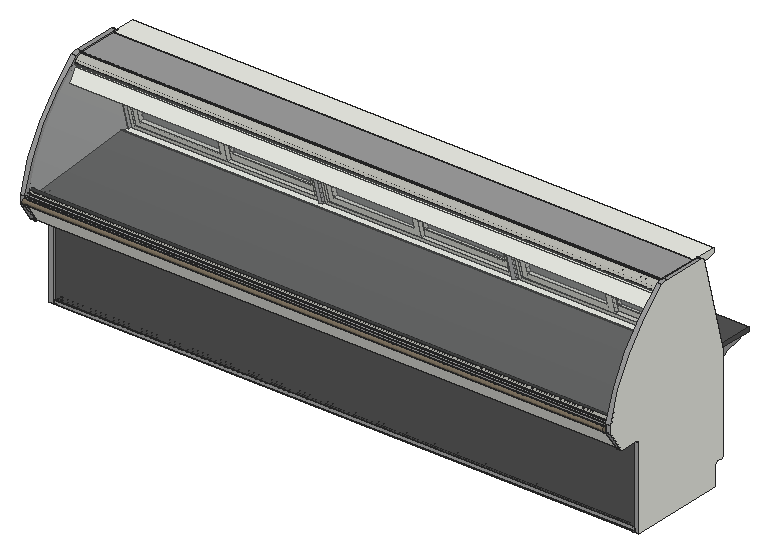
Revit family "CR1-MN_2014", category Specialty Equipment, Revit 2014 (continued)
Automatic sketch dimensions
  Extrusion 11 sketch curve to Extrusion 11 sketch curve = 0.19172"
  Extrusion 11 sketch curve to Extrusion 11 sketch curve = 0.01611"
  Extrusion 11 sketch curve to plane 10 = 0.63376"
  Extrusion 11 sketch curve to Extrusion 11 sketch curve = 0.03436"
  Extrusion 12 sketch curve to Extrusion 12 sketch curve = 0"  (x4)
  plane 4 "Front" to Extrusion 12 sketch curve = 3.86266"
  Extrusion 12 sketch curve to Extrusion 12 sketch curve = 0.01762"  (x2)
  Extrusion 12 sketch curve to Extrusion 12 sketch curve = 0.00881"
  Extrusion 12 sketch curve to Extrusion 12 sketch curve = 0.00993"
  Extrusion 12 sketch curve to plane 9 = 2.64563"
  Extrusion 12 sketch curve to Extrusion 12 sketch curve = 0.01986"
  Extrusion 12 sketch curve to Extrusion 12 sketch curve = 0.32399"
  Extrusion 12 sketch curve to plane 9 = 2.89281"
  Extrusion 12 sketch curve to Extrusion 12 sketch curve = 0.09889"
  Extrusion 12 sketch curve to Extrusion 12 sketch curve = 0.02885"
  Extrusion 12 sketch curve to Extrusion 12 sketch curve = 0.00804"
  Extrusion 12 sketch curve to Extrusion 12 sketch curve = 0.01418"
  Extrusion 12 sketch curve to plane 9 = 0.42573"
  plane 1 "Back" to Extrusion 12 sketch curve = 4.65057"
  Extrusion 12 sketch curve to plane 9 = 0.46057"
  Extrusion 12 sketch curve to Extrusion 12 sketch curve = 0.00331"
  Extrusion 12 sketch curve to Extrusion 12 sketch curve = 0.00283"
  Extrusion 12 sketch curve to plane 9 = 0.48039"
  Extrusion 12 sketch curve to Extrusion 12 sketch curve = 0.02827"
  Extrusion 12 sketch curve to plane 9 = 0.46866"
  Extrusion 12 sketch curve to plane 9 = 0.69391"
  Extrusion 12 sketch curve to Extrusion 12 sketch curve = 0.07593"
  Extrusion 12 sketch curve to Extrusion 12 sketch curve = 0.00669"
  Extrusion 12 sketch curve to Extrusion 12 sketch curve = 0.03024"
  Extrusion 12 sketch curve to Extrusion 12 sketch curve = 0.0309"
  Extrusion 12 sketch curve to Extrusion 12 sketch curve = 0.02262"
  Extrusion 13 sketch curve to level = 0"
  plane 4 "Front" to Extrusion 13 sketch curve = 0.81814"
  Extrusion 13 sketch curve to Extrusion 13 sketch curve = 0.04483"
  Extrusion 13 sketch curve to Extrusion 13 sketch curve = 1/4"
  plane 4 "Front" to Extrusion 13 sketch curve = 4.15323"
  Extrusion 13 sketch curve to Extrusion 13 sketch curve = 0.41034"
  Extrusion 13 sketch curve to Extrusion 13 sketch curve = 4.46333"
  Extrusion 13 sketch curve to Extrusion 13 sketch curve = 0.7"  (x2)
  plane 10 to Extrusion 13 sketch curve = 0.20496"
  plane 1 "Back" to Extrusion 13 sketch curve = 16.68943"
  plane 1 "Back" to Extrusion 13 sketch curve = 6.22235"
  Extrusion 13 sketch curve to plane 10 = 0.3165"
  Extrusion 13 sketch curve to Extrusion 13 sketch curve = 0.67685"
  plane 1 "Back" to Extrusion 13 sketch curve = 1 127/128"
  plane 1 "Back" to Extrusion 13 sketch curve = 0.30473"  (x2)
  Extrusion 13 sketch curve to plane 1 "Back" = 0.37212"
  Extrusion 13 sketch curve to Extrusion 13 sketch curve = 0.02315"
  Extrusion 13 sketch curve to plane 1 "Back" = 9.18765"
  level to Extrusion 13 sketch curve = 4.74571"
  Extrusion 13 sketch curve to Extrusion 13 sketch curve = 10.28196"
  Extrusion 13 sketch curve to plane 9 = 9.87914"
  Extrusion 13 sketch curve to Extrusion 13 sketch curve = 0.21431"
  Extrusion 13 sketch curve to plane 9 = 4.23888"
  Extrusion 13 sketch curve to Extrusion 13 sketch curve = 1.94355"
  Extrusion 13 sketch curve to plane 9 = 0.67874"
  Extrusion 13 sketch curve to plane 10 = 3.9551"
  Extrusion 14 sketch curve to level = 0"
  plane 4 "Front" to Extrusion 14 sketch curve = 0.81814"
  Extrusion 14 sketch curve to Extrusion 14 sketch curve = 0.04483"
  Extrusion 14 sketch curve to Extrusion 14 sketch curve = 0.20517"
  plane 4 "Front" to Extrusion 14 sketch curve = 4.15323"
  Extrusion 14 sketch curve to Extrusion 14 sketch curve = 0.41034"
  Extrusion 14 sketch curve to Extrusion 14 sketch curve = 4.46333"
  Extrusion 14 sketch curve to Extrusion 14 sketch curve = 0.7"  (x2)
  plane 10 to Extrusion 14 sketch curve = 0.20496"
  plane 1 "Back" to Extrusion 14 sketch curve = 16.68943"
  plane 1 "Back" to Extrusion 14 sketch curve = 6.22235"
  Extrusion 14 sketch curve to plane 10 = 0.3165"
  Extrusion 14 sketch curve to Extrusion 14 sketch curve = 0.67685"
  plane 1 "Back" to Extrusion 14 sketch curve = 1 127/128"
  plane 1 "Back" to Extrusion 14 sketch curve = 0.30473"  (x2)
  Extrusion 14 sketch curve to plane 1 "Back" = 0.37212"
  Extrusion 14 sketch curve to Extrusion 14 sketch curve = 0.02315"
  Extrusion 14 sketch curve to plane 1 "Back" = 9.18765"
  Extrusion 14 sketch curve to plane 10 = 3.9551"
  Extrusion 14 sketch curve to plane 9 = 0.5002"
  Extrusion 14 sketch curve to plane 9 = 2.15249"
  Extrusion 14 sketch curve to Extrusion 14 sketch curve = 1.94355"
  Extrusion 14 sketch curve to Extrusion 14 sketch curve = 4.5831"
  Extrusion 14 sketch curve to Extrusion 14 sketch curve = 0.28569"
  Extrusion 14 sketch curve to Extrusion 14 sketch curve = 12.89359"
  level to Extrusion 14 sketch curve = 6.14571"
  Extrusion 15 sketch curve to plane 10 = 0.017"  (x2)
  plane 1 "Back" to Extrusion 15 sketch curve = 17.01748"
  Extrusion 15 sketch curve to Extrusion 15 sketch curve = 0.093"
  plane 1 "Back" to Extrusion 15 sketch curve = 7.20848"
  Extrusion 15 sketch curve to Extrusion 15 sketch curve = 0.33174"
  Extrusion 16 sketch curve to Extrusion 16 sketch curve = 2.74488"
  Extrusion 17 sketch curve to Extrusion 17 sketch curve = 2.74488"
  Extrusion 18 sketch curve to Extrusion 18 sketch curve = 2.74488"
  Extrusion 19 sketch curve to Extrusion 19 sketch curve = 2.74488"
  Extrusion 19 sketch curve to Extrusion 19 sketch curve = 2.78752"
  Extrusion 19 sketch curve to Extrusion 19 sketch curve = 2.74469"
  Extrusion 19 sketch curve to Extrusion 19 sketch curve = 20.64718"
  Extrusion 18 sketch curve to Extrusion 18 sketch curve = 2.78752"
  Extrusion 18 sketch curve to Extrusion 18 sketch curve = 2.74469"
  Extrusion 18 sketch curve to Extrusion 18 sketch curve = 20.64718"
  Extrusion 17 sketch curve to Extrusion 17 sketch curve = 2.78752"
  Extrusion 17 sketch curve to Extrusion 17 sketch curve = 2.74469"
  Extrusion 17 sketch curve to Extrusion 17 sketch curve = 20.64718"
  Extrusion 16 sketch curve to Extrusion 16 sketch curve = 2.78752"
  Extrusion 16 sketch curve to Extrusion 16 sketch curve = 2.74469"
  Extrusion 16 sketch curve to Extrusion 16 sketch curve = 20.64718"
  Extrusion 24 sketch curve to Extrusion 24 sketch curve = 2.74488"
  Extrusion 24 sketch curve to Extrusion 24 sketch curve = 2.78752"
  Extrusion 24 sketch curve to Extrusion 24 sketch curve = 2.74469"
  Extrusion 24 sketch curve to Extrusion 24 sketch curve = 20.64718"
  Extrusion 25 sketch curve to Extrusion 25 sketch curve = 2.74488"
  Extrusion 25 sketch curve to Extrusion 25 sketch curve = 2.78752"
  Extrusion 25 sketch curve to Extrusion 25 sketch curve = 2.74469"
  Extrusion 25 sketch curve to Extrusion 25 sketch curve = 20.64718"
  Extrusion 26 sketch curve to Extrusion 26 sketch curve = 2.74488"
  Extrusion 26 sketch curve to Extrusion 26 sketch curve = 2.78752"
  Extrusion 26 sketch curve to Extrusion 26 sketch curve = 2.74469"
  Extrusion 26 sketch curve to Extrusion 26 sketch curve = 20.64718"
  Extrusion 30 sketch curve to Extrusion 30 sketch curve = 2.74488"
  Extrusion 30 sketch curve to Extrusion 30 sketch curve = 2.78752"
  Extrusion 30 sketch curve to Extrusion 30 sketch curve = 2.74469"
  Extrusion 30 sketch curve to Extrusion 30 sketch curve = 20.64718"
  Extrusion 31 sketch curve to Extrusion 31 sketch curve = 2.74488"
  Extrusion 31 sketch curve to Extrusion 31 sketch curve = 2.78752"
  Extrusion 31 sketch curve to Extrusion 31 sketch curve = 2.74469"
  Extrusion 31 sketch curve to Extrusion 31 sketch curve = 20.64718"
  Extrusion 32 sketch curve to Extrusion 32 sketch curve = 2.74488"
  Extrusion 32 sketch curve to Extrusion 32 sketch curve = 2.78752"
  Extrusion 32 sketch curve to Extrusion 32 sketch curve = 2.74469"
  Extrusion 32 sketch curve to Extrusion 32 sketch curve = 20.64718"
  Extrusion 36 sketch curve to Extrusion 36 sketch curve = 2.74488"
  Extrusion 36 sketch curve to Extrusion 36 sketch curve = 2.78752"
  Extrusion 36 sketch curve to Extrusion 36 sketch curve = 2.74469"
  Extrusion 36 sketch curve to Extrusion 36 sketch curve = 20.64718"
  Extrusion 37 sketch curve to Extrusion 37 sketch curve = 2.74488"
  Extrusion 37 sketch curve to Extrusion 37 sketch curve = 2.78752"
  Extrusion 37 sketch curve to Extrusion 37 sketch curve = 2.74469"
  Extrusion 37 sketch curve to Extrusion 37 sketch curve = 20.64718"
  Extrusion 40 sketch curve to Extrusion 40 sketch curve = 2.74488"
  Extrusion 40 sketch curve to Extrusion 40 sketch curve = 2.78752"
  Extrusion 40 sketch curve to Extrusion 40 sketch curve = 2.74469"
  Extrusion 40 sketch curve to Extrusion 40 sketch curve = 20.64718"
  Extrusion 41 sketch curve to Extrusion 41 sketch curve = 2.74488"
  Extrusion 41 sketch curve to Extrusion 41 sketch curve = 2.78752"
  Extrusion 41 sketch curve to Extrusion 41 sketch curve = 2.74469"
  Extrusion 41 sketch curve to Extrusion 41 sketch curve = 20.64718"
  Extrusion 44 sketch curve to Extrusion 44 sketch curve = 2.74488"
  Extrusion 44 sketch curve to Extrusion 44 sketch curve = 2.78752"
  Extrusion 44 sketch curve to Extrusion 44 sketch curve = 2.74469"
  Extrusion 44 sketch curve to Extrusion 44 sketch curve = 20.64718"
  Extrusion 45 sketch curve to Extrusion 45 sketch curve = 2.74488"
  Extrusion 45 sketch curve to Extrusion 45 sketch curve = 2.78752"
  Extrusion 45 sketch curve to Extrusion 45 sketch curve = 2.74469"
  Extrusion 45 sketch curve to Extrusion 45 sketch curve = 20.64718"
  Extrusion 1 sketch curve to Extrusion 1 sketch curve = 0"
  Extrusion 2 sketch curve to Extrusion 2 sketch curve = 0"
  Extrusion 3 sketch curve to Extrusion 3 sketch curve = 0"  (x3)
Nested families (in)
  nested 1: "Floor Support - Three Holes" at (-75.30699, -13.45706, 0.816), type "Floor Support - Three Holes"
    with Length 22 1/4"
  nested 2: "Floor Support - Three Holes" at (64.69301, -13.45706, 0.816), type "Floor Support - Three Holes"
    with Length 22 1/4"
  nested 3: "Service Doors - 105deg - 48" at (-77.30699, -25.04319, 4.28953), visible <- "12 Case", type "Service Doors - 105deg - 48"
  nested 4: "Shelf - Service Door" at (-77.30699, -0.27239, 30), type "Shelf - Service Door"
  nested 5: "Service Doors - 105deg - 48" at (-29.30699, -25.04319, 4.28953), visible <- "12 Case", type "Service Doors - 105deg - 48"
  nested 6: "Service Doors - 105deg - 48" at (18.69301, -25.04319, 4.28953), visible <- "12 Case", type "Service Doors - 105deg - 48"
  nested 7: "Service Doors - 105deg - 48" at (-77.30699, -25.04319, 4.28953), visible <- "12 Case", type "Service Doors - 105deg - 48", not visible
  nested 8: "Service Doors - 105deg - 48" at (-29.30699, -25.04319, 4.28953), visible <- "12 Case", type "Service Doors - 105deg - 48", not visible
  nested 9: "Service Doors - 105deg - 48" at (18.69301, -25.04319, 4.28953), visible <- "12 Case", type "Service Doors - 105deg - 48", not visible
  nested 10: "Service Doors - 105deg - 48" at (-77.30699, -25.04319, 4.28953), visible <- "4 Case", type "Service Doors - 105deg - 48"
  nested 11: "Service Doors - 105deg - 48" at (-77.30699, -25.04319, 4.28953), visible <- "4 Case", type "Service Doors - 105deg - 48", not visible
  nested 12: "Service Doors - 105deg - 48" at (-77.30699, -25.04319, 4.28953), visible <- "8 Case", type "Service Doors - 105deg - 48"
  nested 13: "Service Doors - 105deg - 48" at (-29.30699, -25.04319, 4.28953), visible <- "8 Case", type "Service Doors - 105deg - 48"
  nested 14: "Service Doors - 105deg - 48" at (-77.30699, -25.04319, 4.28953), visible <- "8 Case", type "Service Doors - 105deg - 48", not visible
  nested 15: "Service Doors - 105deg - 48" at (-29.30699, -25.04319, 4.28953), visible <- "8 Case", type "Service Doors - 105deg - 48", not visible
  nested 16: "Service Doors - 105deg - 60" at (-77.30699, -25.04319, 4.28953), visible <- "5 Case", type "Service Doors - 105deg - 60"
  nested 17: "Service Doors - 105deg - 60" at (-77.30699, -25.04319, 4.28953), visible <- "5 Case", type "Service Doors - 105deg - 60", not visible
  nested 18: "Service Doors - 105deg - 60" at (-77.30699, -25.04319, 4.28953), visible <- "10 Case", type "Service Doors - 105deg - 60"
  nested 19: "Service Doors - 105deg - 60" at (-17.30699, -25.04319, 4.28953), visible <- "10 Case", type "Service Doors - 105deg - 60"
  nested 20: "Service Doors - 105deg - 60" at (-77.30699, -25.04319, 4.28953), visible <- "10 Case", type "Service Doors - 105deg - 60", not visible
  nested 21: "Service Doors - 105deg - 60" at (-17.30699, -25.04319, 4.28953), visible <- "10 Case", type "Service Doors - 105deg - 60", not visible
  nested 22: "Service Doors - 105deg - 72" at (-77.30699, -25.04319, 4.28953), visible <- "6 Case", type "Service Doors - 105deg - 72"
  nested 23: "Service Doors - 105deg - 72" at (-77.30699, -25.04319, 4.28953), visible <- "6 Case", type "Service Doors - 105deg - 72", not visible
  nested 24: "Light" at (-5.30699, 1.00463, -5.29778), type "Light"
    with Length 144"
  nested 25: "Light" at (-5.30699, -10.13008, -2.98067), type "Light"
    with Length 144"
  nested 26: "Floor Support - Three Holes" at (-28.64032, -13.45706, 0.816), type "Floor Support - Three Holes"
    with Length 22 1/4"
  nested 27: "Floor Support - Three Holes" at (18.02635, -13.45706, 0.816), type "Floor Support - Three Holes"
    with Length 22 1/4"
Connectors (in)
  piping at (64.38051, -22.375, 0), diameter 0.625, driven by "Refrig. Suction", driven by "Refrigeration Lines Suction"
    settings: on Extrusion 1, index 9, connector inside diameter 7/8", connector length 0", flow factor 0, pipe flow 0 GPM, pressure drop 0.00 psi, fitting loss kfactor 0, connector angle 0.00°, fixture units 0, engagement length 0", angle of deflection 0.00°, flow configuration 0, flow direction 2, fitting loss method 0, system type 22, joint type 0, gender type 0, connector reference index -1, connector utility 0, adjustable connector no, is connector primary yes, connector description "Suction"
  piping at (64.88051, -22.375, 0), diameter 0.375, driven by "Refrig. Liquid", driven by "Refrigeration Lines Liquid"
    settings: on Extrusion 2, index 10, connector inside diameter 3/8", connector length 0", flow factor 0, pipe flow 0 GPM, pressure drop 0.00 psi, fitting loss kfactor 0, connector angle 0.00°, fixture units 0, engagement length 0", angle of deflection 0.00°, flow configuration 0, flow direction 1, fitting loss method 0, system type 22, joint type 0, gender type 0, connector reference index -1, connector utility 0, adjustable connector no, is connector primary no, connector description "Liquid"
  piping at (0.69301, -17, 0), diameter 1.5, driven by "Waste Drain"
    settings: on Extrusion 3, index 11, connector inside diameter 1 1/4", connector length 0", flow factor 0, pipe flow 0 GPM, pressure drop 0.00 psi, fitting loss kfactor 0, connector angle 0.00°, fixture units 0, engagement length 0", angle of deflection 0.00°, flow configuration 0, flow direction 0, fitting loss method 0, system type 16, joint type 0, gender type 0, connector reference index -1, connector utility 0, adjustable connector no, is connector primary no, connector description ""
Definition of nested family "Floor Support - Three Holes"
  Parameters (values of type "Floor Support - Three Holes")
    Width = 4"
    Material = none
    Length = 22 3/8"
    Height = 5 3/4"
  Reference planes (in)
    plane 1 "Center (Front/Back)": y = 0
    plane 2: z = 0
    plane 3 "Center (Left/Right)": x = 0
    plane 4: x = 2
    plane 5: x = -2
    plane 6: y = 11.1875
    plane 7: y = -11.1875
    plane 8: z = 5.75
    plane 9: z = 2.875
    plane 10: y = -5.59375
    plane 11: y = 5.59375
  Forms (in)
    Extrusion 1, solid, material <- "Material"
      sketch origin (0, 0, 0) x (1, 0, 0) y (0, 1, 0)
        loop
          line (-2, 11.1875) -> (-2, -11.1875) -> (2, -11.1875) -> (2, 11.1875) -> (-2, 11.1875)
      from 0 to 5.75
    Extrusion 2, void
      sketch origin (-2, -11.1875, 0) x (0, -1, 0) y (0, 0, -1)
        loop
          arc (-3.71875, -2.875) -> (-4.26792, -1.54917) -> (-5.59375, -1) r 1.875
          arc (-5.59375, -1) -> (-6.91958, -1.54917) -> (-7.46875, -2.875) r 1.875
          arc (-7.46875, -2.875) -> (-6.91958, -4.20083) -> (-5.59375, -4.75) r 1.875
          arc (-5.59375, -4.75) -> (-4.26792, -4.20083) -> (-3.71875, -2.875) r 1.875
      from 0 to 4
    Extrusion 3, void
      sketch origin (-2, -11.1875, 0) x (0, -1, 0) y (0, 0, -1)
        loop
          arc (-9.3125, -2.875) -> (-9.86167, -1.54917) -> (-11.1875, -1) r 1.875
          arc (-11.1875, -1) -> (-12.51333, -1.54917) -> (-13.0625, -2.875) r 1.875
          arc (-13.0625, -2.875) -> (-12.51333, -4.20083) -> (-11.1875, -4.75) r 1.875
          arc (-11.1875, -4.75) -> (-9.86167, -4.20083) -> (-9.3125, -2.875) r 1.875
      from 0 to 4
    Extrusion 4, void
      sketch origin (-2, -11.1875, 0) x (0, -1, 0) y (0, 0, -1)
        loop
          arc (-14.90625, -2.875) -> (-15.45542, -1.54917) -> (-16.78125, -1) r 1.875
          arc (-16.78125, -1) -> (-18.10708, -1.54917) -> (-18.65625, -2.875) r 1.875
          arc (-18.65625, -2.875) -> (-18.10708, -4.20083) -> (-16.78125, -4.75) r 1.875
          arc (-16.78125, -4.75) -> (-15.45542, -4.20083) -> (-14.90625, -2.875) r 1.875
      from 0 to 4
  Cuts and joins
    Extrusion 2, Extrusion 3, Extrusion 4 cuts Extrusion 1
  Dimensions and locks (in)
    equal spacing: plane 5, plane 3 "Center (Left/Right)", plane 4
    "Width": plane 5 to plane 4
    equal spacing: plane 6, plane 1 "Center (Front/Back)", plane 7
    "Length": plane 6 to plane 7
    "Height": plane 8 to level
    equal spacing: plane 6, plane 11, plane 1 "Center (Front/Back)", plane 10, plane 7
    equal spacing: plane 8, plane 9, level
    aligned and locked: plane 2 to level
    aligned and locked: Extrusion 1 to plane 4
    aligned and locked: plane 5 to Extrusion 1
    aligned and locked: Extrusion 1 to plane 7
    aligned and locked: plane 6 to Extrusion 1
    aligned and locked: plane 8 to Extrusion 1
    aligned and locked: plane 9 to Extrusion 2 sketch curve  (x2)
    aligned and locked: plane 10 to Extrusion 2 sketch curve  (x2)
    aligned and locked: plane 11 to Extrusion 4 sketch curve  (x2)
    aligned and locked: plane 9 to Extrusion 4 sketch curve  (x2)
    aligned and locked: plane 1 "Center (Front/Back)" to Extrusion 3 sketch curve  (x2)
    aligned and locked: plane 9 to Extrusion 3 sketch curve  (x2)
    aligned and locked: Extrusion 1 to Extrusion 4
    aligned and locked: Extrusion 1 to Extrusion 3
    aligned and locked: Extrusion 1 to Extrusion 2
  Automatic sketch dimensions
    Extrusion 1 sketch curve to plane 5 = 0"
    Extrusion 1 sketch curve to plane 4 = 0"
    Extrusion 1 sketch curve to plane 7 = 0"
    Extrusion 1 sketch curve to plane 6 = 0"
    Extrusion 4 sketch curve to Extrusion 4 sketch curve = 1 7/8"
    Extrusion 3 sketch curve to Extrusion 3 sketch curve = 1 7/8"
    Extrusion 2 sketch curve to Extrusion 2 sketch curve = 1 7/8"
Definition of nested family "Service Doors - 105deg - 48"
  Parameters (values of type "Service Doors - 105deg - 48")
    Glazing = none
    Door Frame = none
  Reference planes (in)
    plane 1 "Center (Front/Back)": y = 25.29918
    plane 2: z = 0
    plane 3 "Center (Left/Right)": x = 0
  Forms (in)
    Sweep 1, solid, material <- "Door Frame"
      path in 3D
        loop
          line (48, 19.53256, 46.24921) -> (0, 19.53256, 46.24921) -> (0, 25.29918, 24.72713) -> (48, 25.29918, 24.72713) -> (48, 19.53256, 46.24921)
      profile origin (24, 19.53256, 46.24921) x (0, -0.999433, -0.03367) y (0, -0.03367, 0.999433)
        loop
          line (0.22758, -0.05283) -> (0, 0) -> (-0.33921, -1.46114) -> (1.8514, -1.9697) -> (2.08074, -0.98179) -> (0.13366, -0.52977) -> (0.22758, -0.05283)
    Extrusion 2, solid, material <- "Door Frame"
      sketch origin (1.5, 17.74853, 44.21829) x (0, 0.258811, -0.965928) y (0, 0.965928, 0.258811)
        loop
          line (0, 0.25) -> (19.28125, 0.25) -> (19.28125, 1.0625) -> (0, 1.0625) -> (0, 0.25)
      from 0 to 23
    Extrusion 3, solid, material <- "Door Frame"
      sketch origin (46.5, 22.73872, 25.59399) x (0, -0.258811, 0.965928) y (0, 0.965928, 0.258811)
        loop
          line (19.28125, 1.875) -> (0, 1.875) -> (0, 1.0625) -> (19.28125, 1.0625) -> (19.28125, 1.875)
      from 0 to 23
    Extrusion 4, void
      sketch origin (46.5, 18.18472, 49.83503) x (0, -0.258811, 0.965928) y (-1, 0, 0)
        loop
          line (-23.09373, 21.5) -> (-23.09373, 1.5) -> (-6.81248, 1.5) -> (-6.81248, 21.5) -> (-23.09373, 21.5)
      from 0 to 0.8125
    Extrusion 5, void
      sketch origin (1.5, 17.85693, 44.77966) x (0, -0.258811, 0.965928) y (1, 0, 0)
        loop
          line (-2.01418, 21.5) -> (-18.29543, 21.5) -> (-18.29543, 1.5) -> (-2.01418, 1.5) -> (-2.01418, 21.5)
      from 0 to 0.8125
    Extrusion 6, solid, material <- "Glazing"
      sketch origin (25, 24.54983, 26.07926) x (0, -0.258811, 0.965928) y (0, -0.965928, -0.258811)
        loop
          line (1.5, 0.1875) -> (19.28125, 0.1875) -> (19.28125, 0.625) -> (1.5, 0.625) -> (1.5, 0.1875)
      from 0 to 20
    Extrusion 7, solid, material <- "Glazing"
      sketch origin (23, 17.99001, 44.28299) x (0, 0.258811, -0.965928) y (0, -0.965928, -0.258811)
        loop
          line (1.5, -0.625) -> (19.28125, -0.625) -> (19.28125, -0.1875) -> (1.5, -0.1875) -> (1.5, -0.625)
      from 0 to 20
  Cuts and joins
    Extrusion 4 cuts Extrusion 3
    Extrusion 5 cuts Extrusion 2
  Lines and regions (in)
    sketch lines
      curve 1: line (48, 25.29918, 24.72713) -> (48, 19.53256, 46.24921)
      curve 2: line (0, 19.53256, 46.24921) -> (0, 25.29918, 24.72713)
      curve 3: line (48, 19.53256, 46.24921) -> (0, 19.53256, 46.24921)
      curve 4: line (48, 25.29918, 24.72713) -> (0, 25.29918, 24.72713)
    model lines
      curve 5: line (0, 25.29918, 24.72713) -> (0, 20.31708, 43.32124)
      curve 6: line (0, 25.29918, 24.72713) -> (0, 19.53256, 46.24921)
  Dimensions and locks (in)
    Extrusion 2 to Extrusion 3 = 45"
    plane 3 "Center (Left/Right)" to Sweep 1 = 48"
    Sweep 1 to Sweep 1 = 1 1/2"
    locked: cut or joined group of Extrusion 3, Extrusion 4 to Extrusion 4 sketch curve at 1.5
    locked: Extrusion 5 sketch curve to cut or joined group of Extrusion 2, Extrusion 5 at 1.5
    Sweep 1 to Sweep 1 = 22 9/32"
    locked: cut or joined group of Extrusion 2, Extrusion 5 to Extrusion 5 sketch curve at 1.5  (x2)
    locked: Sweep 1 to Extrusion 5 sketch curve at 1.5
    locked: Extrusion 4 sketch curve to Sweep 1 at 1.5  (x3)
    Sweep 1 to Sweep 1 = 45"
    aligned and locked: plane 2 to level
    aligned and locked: Extrusion 3 to Sweep 1  (x3)
    aligned and locked: Extrusion 2 to Sweep 1
    aligned and locked: Extrusion 6 to cut or joined group of Extrusion 3, Extrusion 4
    aligned and locked: cut or joined group of Extrusion 3, Extrusion 4 to Extrusion 6
    aligned and locked: cut or joined group of Extrusion 2, Extrusion 5 to Extrusion 7
    aligned and locked: plane 1 "Center (Front/Back)" to Sweep 1
    aligned and locked: Sweep 1 to Extrusion 2 sketch curve  (x2)
    aligned and locked: cut or joined group of Extrusion 2, Extrusion 5 to Extrusion 7 sketch curve
    aligned and locked: Extrusion 7 sketch curve to Sweep 1
    aligned and locked: Sweep 1 to Extrusion 3 sketch curve  (x2)
    aligned and locked: Extrusion 6 sketch curve to Sweep 1
    aligned and locked: Extrusion 6 sketch curve to cut or joined group of Extrusion 3, Extrusion 4
Definition of nested family "Shelf - Service Door"
  Parameters (values of type "Shelf - Service Door")
    Width = 144"
    Shelf = none
    Number of Bracket Supports = if(Width < 50", 2, if(Width < 100", 3, 4))  # 4
    Bracket = none
  Reference planes (in)
    plane 1 "Center (Front/Back)": y = 0
    plane 2: z = 0
    plane 3 "Center (Left/Right)": x = 0
  Forms (in)
    Extrusion 1, solid, material <- "Shelf"
      sketch origin (0, 0.5, -3.75) x (0, 1, 0) y (0, 0, 1)
        loop
          line (0, 3.75) -> (0, 2.75) -> (9.5, 2.75) -> (9.5, 3.75) -> (0, 3.75)
      from 0 to 144
  Dimensions and locks (in)
    "Width": plane 3 "Center (Left/Right)" to Extrusion 1
    equal spacing: group 1, group 3, group 4, group 2  (x2)
    equal spacing: group 2, group 4, group 3, group 1
    locked: plane 1 "Center (Front/Back)" to Extrusion 1 at 0.5
    aligned and locked: plane 2 to level
    aligned and locked: nested 1 to plane 3 "Center (Left/Right)"
    aligned and locked: nested 2 to Extrusion 1  (x2)
    aligned and locked: level to Extrusion 1
  Automatic sketch dimensions
    Extrusion 1 sketch curve to plane 1 "Center (Front/Back)" = 1/2"
    Extrusion 1 sketch curve to Extrusion 1 sketch curve = 9 1/2"
    Extrusion 1 sketch curve to level = 1"
    Extrusion 1 sketch curve to Extrusion 1 sketch curve = 1"
  Nested families (in)
    nested 1: "Shelf Braket" at (0.125, 0, -6.25), type "Shelf Braket"
    nested 2: "Shelf Braket" at (143.875, 0, -6.25), type "Shelf Braket"
    nested 3: "Shelf Braket" at (48.04167, 0, -6.25), type "Shelf Braket"
    nested 4: "Shelf Braket" at (95.95833, 0, -6.25), type "Shelf Braket"
  Definition of nested family "Shelf Braket"
    Parameters (values of type "Shelf Braket")
      Bracket = none
    Reference planes (in)
      plane 1 "Center (Front/Back)": y = 0
      plane 2: z = 0
      plane 3 "Center (Left/Right)": x = 0
    Forms (in)
      Extrusion 1, solid, material <- "Bracket"
        sketch origin (0, 0, 0) x (0, 1, 0) y (0, 0, 1)
          loop
            line (0, 0) -> (0.17778, 0)
            arc (0.17778, 0) -> (0.32473, 0.04775) -> (0.41555, 0.17275) r 0.25
            line (0.41555, 0.17275) -> (1.31784, 2.94972)
            arc (1.31784, 2.94972) -> (1.49947, 3.19972) -> (1.79337, 3.29521) r 0.5
            line (1.79337, 3.29521) -> (2.40794, 3.29521)
            arc (2.40794, 3.29521) -> (2.59929, 3.33327) -> (2.7615, 3.44165) r 0.5
            line (2.7615, 3.44165) -> (2.99039, 3.67054)
            arc (2.99039, 3.67054) -> (2.94458, 3.6834) -> (2.96531, 3.72623) r 0.03102
            line (2.96531, 3.72623) -> (7.12163, 4.76862)
            arc (7.12163, 4.76862) -> (7.39311, 4.94463) -> (7.49999, 5.25) r 0.5
            line (7.49999, 5.25) -> (0, 5.25) -> (0, 0)
        from -0.125 to 0.125
    Dimensions and locks (in)
      aligned and locked: plane 2 to level
Definition of nested family "Service Doors - 105deg - 60"
  Parameters (values of type "Service Doors - 105deg - 60")
    Glazing = none
    Door Frame = none
  Reference planes (in)
    plane 1 "Center (Front/Back)": y = 25.29918
    plane 2: z = 0
    plane 3 "Center (Left/Right)": x = 0
  Forms (in)
    Sweep 1, solid, material <- "Door Frame"
      path in 3D
        loop
          line (60, 19.53256, 46.24921) -> (0, 19.53256, 46.24921) -> (0, 25.29918, 24.72713) -> (60, 25.29918, 24.72713) -> (60, 19.53256, 46.24921)
      profile origin (30, 19.53256, 46.24921) x (0, -0.999433, -0.03367) y (0, -0.03367, 0.999433)
        loop
          line (0.22758, -0.05283) -> (0, 0) -> (-0.33921, -1.46114) -> (1.8514, -1.9697) -> (2.08074, -0.98179) -> (0.13366, -0.52977) -> (0.22758, -0.05283)
    Extrusion 2, solid, material <- "Door Frame"
      sketch origin (1.5, 17.74853, 44.21829) x (0, 0.258811, -0.965928) y (0, 0.965928, 0.258811)
        loop
          line (0, 0.25) -> (19.28125, 0.25) -> (19.28125, 1.0625) -> (0, 1.0625) -> (0, 0.25)
      from 0 to 29
    Extrusion 3, solid, material <- "Door Frame"
      sketch origin (58.5, 22.73872, 25.59399) x (0, -0.258811, 0.965928) y (0, 0.965928, 0.258811)
        loop
          line (19.28125, 1.875) -> (0, 1.875) -> (0, 1.0625) -> (19.28125, 1.0625) -> (19.28125, 1.875)
      from 0 to 29
    Extrusion 4, void
      sketch origin (58.5, 18.18472, 49.83503) x (0, -0.258811, 0.965928) y (-1, 0, 0)
        loop
          line (-23.09373, 27.5) -> (-23.09373, 1.5) -> (-6.81248, 1.5) -> (-6.81248, 27.5) -> (-23.09373, 27.5)
      from 0 to 0.8125
    Extrusion 5, void
      sketch origin (1.5, 17.85693, 44.77966) x (0, -0.258811, 0.965928) y (1, 0, 0)
        loop
          line (-2.01418, 27.5) -> (-18.29543, 27.5) -> (-18.29543, 1.5) -> (-2.01418, 1.5) -> (-2.01418, 27.5)
      from 0 to 0.8125
    Extrusion 6, solid, material <- "Glazing"
      sketch origin (31, 24.54983, 26.07926) x (0, -0.258811, 0.965928) y (0, -0.965928, -0.258811)
        loop
          line (1.5, 0.1875) -> (19.28125, 0.1875) -> (19.28125, 0.625) -> (1.5, 0.625) -> (1.5, 0.1875)
      from 0 to 26
    Extrusion 7, solid, material <- "Glazing"
      sketch origin (29, 17.99001, 44.28299) x (0, 0.258811, -0.965928) y (0, -0.965928, -0.258811)
        loop
          line (1.5, -0.625) -> (19.28125, -0.625) -> (19.28125, -0.1875) -> (1.5, -0.1875) -> (1.5, -0.625)
      from 0 to 26
  Cuts and joins
    Extrusion 4 cuts Extrusion 3
    Extrusion 5 cuts Extrusion 2
  Lines and regions (in)
    sketch lines
      curve 1: line (60, 25.29918, 24.72713) -> (60, 19.53256, 46.24921)
      curve 2: line (0, 19.53256, 46.24921) -> (0, 25.29918, 24.72713)
      curve 3: line (60, 19.53256, 46.24921) -> (0, 19.53256, 46.24921)
      curve 4: line (60, 25.29918, 24.72713) -> (0, 25.29918, 24.72713)
    model lines
      curve 5: line (0, 25.29918, 24.72713) -> (0, 20.31708, 43.32124)
      curve 6: line (0, 25.29918, 24.72713) -> (0, 19.53256, 46.24921)
  Dimensions and locks (in)
    Extrusion 2 to Extrusion 3 = 57"
    plane 3 "Center (Left/Right)" to Sweep 1 = 60"
    Sweep 1 to Sweep 1 = 1 1/2"
    locked: cut or joined group of Extrusion 3, Extrusion 4 to Extrusion 4 sketch curve at 1.5
    locked: Extrusion 5 sketch curve to cut or joined group of Extrusion 2, Extrusion 5 at 1.5
    Sweep 1 to Sweep 1 = 22 9/32"
    locked: cut or joined group of Extrusion 2, Extrusion 5 to Extrusion 5 sketch curve at 1.5  (x2)
    locked: Sweep 1 to Extrusion 5 sketch curve at 1.5
    locked: Extrusion 4 sketch curve to Sweep 1 at 1.5  (x3)
    Sweep 1 to Sweep 1 = 57"
    aligned and locked: plane 2 to level
    aligned and locked: Extrusion 3 to Sweep 1  (x3)
    aligned and locked: Extrusion 2 to Sweep 1
    aligned and locked: Extrusion 6 to cut or joined group of Extrusion 3, Extrusion 4
    aligned and locked: cut or joined group of Extrusion 3, Extrusion 4 to Extrusion 6
    aligned and locked: cut or joined group of Extrusion 2, Extrusion 5 to Extrusion 7
    aligned and locked: plane 1 "Center (Front/Back)" to Sweep 1
    aligned and locked: Sweep 1 to Extrusion 2 sketch curve  (x2)
    aligned and locked: cut or joined group of Extrusion 2, Extrusion 5 to Extrusion 7 sketch curve
    aligned and locked: Extrusion 7 sketch curve to Sweep 1
    aligned and locked: Sweep 1 to Extrusion 3 sketch curve  (x2)
    aligned and locked: Extrusion 6 sketch curve to Sweep 1
    aligned and locked: Extrusion 6 sketch curve to cut or joined group of Extrusion 3, Extrusion 4
Definition of nested family "Service Doors - 105deg - 72"
  Parameters (values of type "Service Doors - 105deg - 72")
    Glazing = none
    Door Frame = none
  Reference planes (in)
    plane 1 "Center (Front/Back)": y = 25.29918
    plane 2: z = 0
    plane 3 "Center (Left/Right)": x = 0
  Forms (in)
    Sweep 1, solid, material <- "Door Frame"
      path in 3D
        loop
          line (72, 19.53256, 46.24921) -> (0, 19.53256, 46.24921) -> (0, 25.29918, 24.72713) -> (72, 25.29918, 24.72713) -> (72, 19.53256, 46.24921)
      profile origin (36, 19.53256, 46.24921) x (0, -0.999433, -0.03367) y (0, -0.03367, 0.999433)
        loop
          line (0.22758, -0.05283) -> (0, 0) -> (-0.33921, -1.46114) -> (1.8514, -1.9697) -> (2.08074, -0.98179) -> (0.13366, -0.52977) -> (0.22758, -0.05283)
    Extrusion 2, solid, material <- "Door Frame"
      sketch origin (1.5, 17.74853, 44.21829) x (0, 0.258811, -0.965928) y (0, 0.965928, 0.258811)
        loop
          line (0, 0.25) -> (19.28125, 0.25) -> (19.28125, 1.0625) -> (0, 1.0625) -> (0, 0.25)
      from 0 to 35
    Extrusion 3, solid, material <- "Door Frame"
      sketch origin (70.5, 22.73872, 25.59399) x (0, -0.258811, 0.965928) y (0, 0.965928, 0.258811)
        loop
          line (19.28125, 1.875) -> (0, 1.875) -> (0, 1.0625) -> (19.28125, 1.0625) -> (19.28125, 1.875)
      from 0 to 35
    Extrusion 4, void
      sketch origin (70.5, 18.18472, 49.83503) x (0, -0.258811, 0.965928) y (-1, 0, 0)
        loop
          line (-23.09373, 33.5) -> (-23.09373, 1.5) -> (-6.81248, 1.5) -> (-6.81248, 33.5) -> (-23.09373, 33.5)
      from 0 to 0.8125
    Extrusion 5, void
      sketch origin (1.5, 17.85693, 44.77966) x (0, -0.258811, 0.965928) y (1, 0, 0)
        loop
          line (-2.01418, 33.5) -> (-18.29543, 33.5) -> (-18.29543, 1.5) -> (-2.01418, 1.5) -> (-2.01418, 33.5)
      from 0 to 0.8125
    Extrusion 6, solid, material <- "Glazing"
      sketch origin (37, 24.54983, 26.07926) x (0, -0.258811, 0.965928) y (0, -0.965928, -0.258811)
        loop
          line (1.5, 0.1875) -> (19.28125, 0.1875) -> (19.28125, 0.625) -> (1.5, 0.625) -> (1.5, 0.1875)
      from 0 to 32
    Extrusion 7, solid, material <- "Glazing"
      sketch origin (35, 17.99001, 44.28299) x (0, 0.258811, -0.965928) y (0, -0.965928, -0.258811)
        loop
          line (1.5, -0.625) -> (19.28125, -0.625) -> (19.28125, -0.1875) -> (1.5, -0.1875) -> (1.5, -0.625)
      from 0 to 32
  Cuts and joins
    Extrusion 4 cuts Extrusion 3
    Extrusion 5 cuts Extrusion 2
  Lines and regions (in)
    sketch lines
      curve 1: line (72, 25.29918, 24.72713) -> (72, 19.53256, 46.24921)
      curve 2: line (0, 19.53256, 46.24921) -> (0, 25.29918, 24.72713)
      curve 3: line (72, 19.53256, 46.24921) -> (0, 19.53256, 46.24921)
      curve 4: line (72, 25.29918, 24.72713) -> (0, 25.29918, 24.72713)
    model lines
      curve 5: line (0, 25.29918, 24.72713) -> (0, 20.31708, 43.32124)
      curve 6: line (0, 25.29918, 24.72713) -> (0, 19.53256, 46.24921)
  Dimensions and locks (in)
    Extrusion 2 to Extrusion 3 = 69"
    plane 3 "Center (Left/Right)" to Sweep 1 = 72"
    Sweep 1 to Sweep 1 = 1 1/2"
    locked: cut or joined group of Extrusion 3, Extrusion 4 to Extrusion 4 sketch curve at 1.5
    locked: Extrusion 5 sketch curve to cut or joined group of Extrusion 2, Extrusion 5 at 1.5
    Sweep 1 to Sweep 1 = 22 9/32"
    locked: cut or joined group of Extrusion 2, Extrusion 5 to Extrusion 5 sketch curve at 1.5  (x2)
    locked: Sweep 1 to Extrusion 5 sketch curve at 1.5
    locked: Extrusion 4 sketch curve to Sweep 1 at 1.5  (x3)
    aligned and locked: plane 2 to level
    aligned and locked: Extrusion 3 to Sweep 1  (x3)
    aligned and locked: Extrusion 2 to Sweep 1
    aligned and locked: Extrusion 6 to cut or joined group of Extrusion 3, Extrusion 4
    aligned and locked: cut or joined group of Extrusion 3, Extrusion 4 to Extrusion 6
    aligned and locked: cut or joined group of Extrusion 2, Extrusion 5 to Extrusion 7
    aligned and locked: plane 1 "Center (Front/Back)" to Sweep 1
    aligned and locked: Sweep 1 to Extrusion 2 sketch curve  (x2)
    aligned and locked: cut or joined group of Extrusion 2, Extrusion 5 to Extrusion 7 sketch curve
    aligned and locked: Extrusion 7 sketch curve to Sweep 1
    aligned and locked: Sweep 1 to Extrusion 3 sketch curve  (x2)
    aligned and locked: Extrusion 6 sketch curve to Sweep 1
    aligned and locked: Extrusion 6 sketch curve to cut or joined group of Extrusion 3, Extrusion 4
Definition of nested family "Light"
  Parameters (values of type "Light")
    Wattage = 16.1571 W
    built-in parameter 1150110 = 1 (stored number, unit not read)
    built-in parameter 1114217 = 1 (stored number, unit not read)
    built-in parameter 1150109 = 1 (stored number, unit not read)
    built-in parameter 1150134 = (empty or 0)
    built-in parameter 1150113 = 1 (stored number, unit not read)
    Lumens = 2400 lm
    built-in parameter 1150115 = 1 (stored number, unit not read)
    built-in parameter 1150105 = 763.94 (stored number, unit not read)
    Light Source Symbol Size = 24"
    built-in parameter 1150137 = (empty or 0)
    built-in parameter 1150139 = (empty or 0)
    Lense = none
    Length = 24"
    built-in parameter 1150112 = 1 (stored number, unit not read)
    built-in parameter 1150114 = 1 (stored number, unit not read)
    built-in parameter 1150132 = 2
    built-in parameter 1150102 = (empty or 0)
    built-in parameter 1150138 = (empty or 0)
    built-in parameter 1150107 = 6100 (stored number, unit not read)
    built-in parameter 1150106 = 7.6394 (stored number, unit not read)
    Emit from Line Length = Length  # 24"
    built-in parameter 1150104 = 13.8 (stored number, unit not read)
    Dimming Lamp Color Temperature Shift = (empty or 0)
    Color Filter = 16777215
    Casing = none
    built-in parameter 1114218 = 1 (stored number, unit not read)
    built-in parameter 1150133 = 10 (stored number, unit not read)
  Reference planes (in)
    plane 1 "Light Source Axis (F/B)": y = -8.60801
    plane 2: z = 0
    plane 3 "Light Source Axis (L/R)": x = 0
    plane 4 "Light Source Elevation": z = 52.5
    plane 5: z = 0
    plane 6 "Left": x = -12
    plane 7 "Right": x = 12
  Lines and regions (in)
    model lines
      curve 1: line (-12, -8.60801, 52.5) -> (12, -8.60801, 52.5)
  Dimensions and locks (in)
    equal spacing: plane 7 "Right", plane 3 "Light Source Axis (L/R)", plane 6 "Left"
    "Length": plane 7 "Right" to plane 6 "Left"
    aligned and locked: plane 3 "Light Source Axis (L/R)" to imposter light
    aligned and locked: plane 1 "Light Source Axis (F/B)" to imposter light
    aligned and locked: plane 4 "Light Source Elevation" to imposter light
    aligned and locked: level to plane 5
  Automatic sketch dimensions
    plane 1 "Light Source Axis (F/B)" to curve 1 = 0"
    curve 1 to plane 6 "Left" = 0"
    curve 1 to plane 7 "Right" = 0"
Types (6): name | Width | Number of Supports | 8 Case | 6 Case | 5 Case | 4 Case | 12 Case | 10 Case
  6'-0" Length | 72" | 3 | no | yes | no | no | no | no
  5'-0" Length | 60" | 3 | no | no | yes | no | no | no
  4'-0" Length | 48" | 2 | no | no | no | yes | no | no
  8'-0" Length | 96" | 3 | yes | no | no | no | no | no
  10'-0" Length | 120" | 4 | no | no | no | no | no | yes
  12'-0" Length | 144" | 4 | no | no | no | no | yes | no
